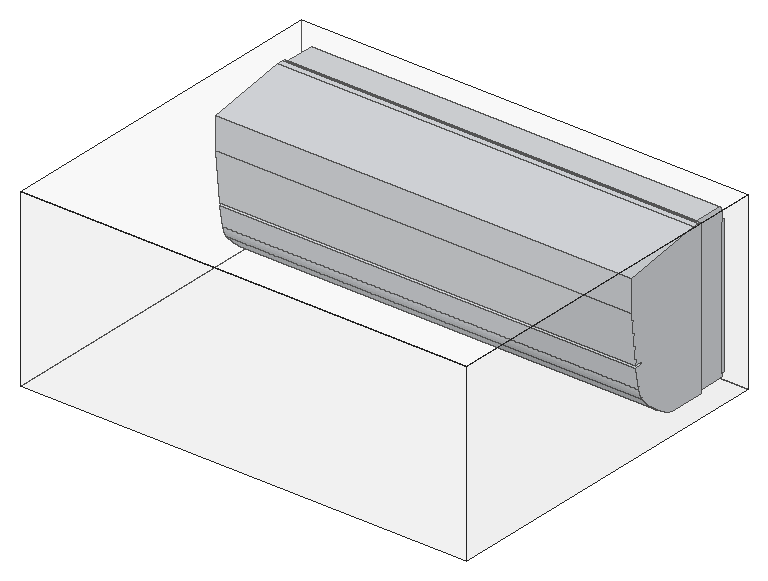
Revit family "msz-gv22_5624_50hz", category 機械設備, Revit 2019
Family settings
  丸型コネクタ寸法 = 直径を使用
  パーツ タイプ = 標準
  OmniClass 番号 = 23.75.10.24.21.27.27
  OmniClass タイトル = Split System Air Conditioning Units
  作業面ベース = いいえ
  常に垂直 = はい
  ロード時にボイドで切り取り = いいえ
  共有 = いいえ
  部屋計算ポイント = いいえ
Parameters (values of type "壁掛_MSZ-GV2224-T-IN")
  風量 = MAX風量  # 635.0 m³/h
  音響パワーレベル(dB) = if([運転音(強冷房)  db] > [運転音(強暖房)  db], [運転音(強冷房)  db], [運転音(強暖房)  db])  # 64
  電源種別 = ""
  電圧_電気ヒーター = 0 V
  電圧 = 100 V
  電動機出力_送風機 = 28.00 W
  運転音(強暖房)  db = 64
  運転音(強冷房)  db = 62
  運転音(弱暖房)  db = 43
  運転音(静冷房)  db = 41
  運転音(弱冷房)  db = 43
  運転音(中暖房)  db = 50
  運転音(中冷房)  db = 51
  運転質量 = 0.00 kg
  連動 = ""
  質量 = if(製品質量 > 運転質量, 製品質量, 運転質量) * 1.2  # 9.60 kg
  負荷分類 = 1 熱源類
  説明 = "ルームエアコン(霧ヶ峰) 　GVシリーズ　室内ユニット"
  設計暖房能力 [instance] = 0.00 kW
  設計冷房能力_顕熱 [instance] = 0 kW
  設計冷房能力 [instance] = 0 kW
  設置方法 = "壁掛 (露出)形"
  記号 [instance] = ""
  製造元 = "三菱電機株式会社"
  製品質量 = 8.00 kg
  製品出荷対象 = "国内"
  製品リリース年月 = "-"
  製品グループ = ""
  系統 [instance] = ""
  符号 = "ACR-WR"
  積算_科目 = "1 空気調和設備"
  積算_拾い区分 [instance] = ""
  相_電気ヒーター = 1
  相 = 1
  盤記号 [instance] = ""
  発停方法 = "付属スイッチ"
  特殊仕様 [instance] = ""
  火災停止 = ""
  消費電力_暖房 = 470.00 W
  消費電力_冷房 = 655.00 W
  消費電力 = 655.00 W
  法定耐用年数 = "6"
  構成品番 = ""
  極数 = 1
  材質 = ""
  本体マテリアル = none
  暖房能力 = 2.20 kW
  暖房 風量 = 635.0 m³/h
  推奨ブレーカー容量 = 15 A
  形式 = "壁掛（露出）形"
  幹線記号 = ""
  始動方式 = "直入"
  呼称 = "パッケージ形空気調和機_室内機"
  周波数 = 50 Hz
  台数_手元リモコン = ""
  参照している仕様書等のバージョン = "公共建築物標準仕様書（機械設備工事編）平成31年度版"
  加湿給水管径 = 0.00 mm
  分類コード = "50053004203000"
  分類グループ = ""
  冷房能力 = 2.2 kW
  冷房 風量 = 635.0 m³/h
  冷媒高低圧ガス管径 = 0.00 mm
  冷媒管径符号 = "Ab"
  冷媒管径 = 100.00 mm
  冷媒液管高さ = 126 mm
  冷媒液管長さ = 85 mm
  冷媒液管径 = 6.35 mm
  冷媒ガス管高さ = 126 mm
  冷媒ガス管長さ = 86 mm
  冷媒ガス管径 = 9.52 mm
  企業コード = "108420"
  付属品 [instance] = ""
  仕様書バージョン = "Version1.0"
  モデル = "MSZ-GV2224-T-IN"
  ドレン管高さ = 190 mm
  ドレン管径 = 16.00 mm
  サービススペース = yes
  コメント [instance] = ""
  【値が 0 の項目は組合せ形名にてご確認ください】 = ""
  Width = 799 mm
  Version = ""
  Uniclass2015Version = "Systems v1.9"
  Uniclass2015Title = "Split coil remote air cooled condensing units"
  Uniclass2015Code = "Pr_70_65_03_84"
  URL = "https://www.mitsubishielectric.co.jp/ldg/wink/"
  SpecificationReference = ""
  SpecificationDescription = ""
  Revision = ""
  ProductInformation = ""
  OmniClassCode = "23-33 17 13 11"
  MAX風量 = 635.0 m³/h
  IfcTypeProduct = ""
  IfcProduct = ""
  IfcExportType = "AIRCONDITIONINGUNIT"
  IfcExportAs = "IfcUnitaryEquipmentType"
  Height = 295 mm
  Depth = 225 mm
  Clearance Top = 33 mm
  Clearance Right = 40 mm
  Clearance Left = 20 mm
  Clearance Front = 445 mm
  Clearance Bottom = 7 mm
  Clearance Back = 0 mm
  COP = 0
  Author = "三菱電機株式会社"
  APF = 0
Types (13, lengths in mm): name | 風量 | 音響パワーレベル(dB) | 電圧 | 電動機出力_送風機 | 運転音(強暖房)  db | 運転音(強冷房)  db | 運転音(弱暖房)  db | 運転音(静冷房)  db | 運転音(弱冷房)  db | 運転音(中暖房)  db | 運転音(中冷房)  db | 質量 | 製品質量 | 消費電力_暖房 | 消費電力_冷房 | 消費電力 | 暖房能力 | 暖房 風量 | 冷房能力 | 冷房 風量 | モデル | MAX風量 | Clearance Front
  (no name) | 635.0 m³/h | 64 | 100 V | 28.00 W | 64 | 62 | 43 | 41 | 43 | 50 | 51 | 9.60 kg | 8.00 kg | 470.00 W | 655.00 W | 655.00 W | 2.20 kW | 635.0 m³/h | 2.2 kW | 635.0 m³/h | "MSZ-GV2224-T-IN" | 635.0 m³/h | 445
  壁掛_MSZ-GV2224-W-IN | 635.0 m³/h | 64 | 100 V | 28.00 W | 64 | 62 | 43 | 41 | 43 | 50 | 51 | 9.60 kg | 8.00 kg | 470.00 W | 655.00 W | 655.00 W | 2.20 kW | 635.0 m³/h | 2.2 kW | 635.0 m³/h | "MSZ-GV2224-W-IN" | 635.0 m³/h | 445
  壁掛_MSZ-GV2524-W-IN | 655.0 m³/h | 64 | 100 V | 28.00 W | 64 | 63 | 43 | 41 | 43 | 50 | 51 | 9.60 kg | 8.00 kg | 625.00 W | 745.00 W | 745.00 W | 2.80 kW | 655.0 m³/h | 2.5 kW | 635.0 m³/h | "MSZ-GV2524-W-IN" | 655.0 m³/h | 445
  壁掛_MSZ-GV2824-W-IN | 665.0 m³/h | 64 | 100 V | 28.00 W | 64 | 63 | 43 | 41 | 43 | 50 | 51 | 10.80 kg | 9.00 kg | 910.00 W | 800.00 W | 910.00 W | 3.60 kW | 650.0 m³/h | 2.8 kW | 665.0 m³/h | "MSZ-GV2824-W-IN" | 665.0 m³/h | 445
  壁掛_MSZ-GV3624-W-IN | 670.0 m³/h | 64 | 100 V | 28.00 W | 64 | 64 | 47 | 41 | 47 | 53 | 54 | 10.80 kg | 9.00 kg | 1215.00 W | 1415.00 W | 1415.00 W | 4.20 kW | 660.0 m³/h | 3.6 kW | 670.0 m³/h | "MSZ-GV3624-W-IN" | 670.0 m³/h | 445
  壁掛_MSZ-GV4024S-W-IN | 670.0 m³/h | 66 | 200 V | 40.00 W | 65 | 66 | 47 | 44 | 47 | 54 | 54 | 10.80 kg | 9.00 kg | 1480.00 W | 1660.00 W | 1660.00 W | 5.00 kW | 660.0 m³/h | 4 kW | 670.0 m³/h | "MSZ-GV4024S-W-IN" | 670.0 m³/h | 445
  壁掛_MSZ-GV5624S-W-IN | 785.0 m³/h | 67 | 200 V | 40.00 W | 67 | 66 | 47 | 45 | 47 | 54 | 54 | 10.80 kg | 9.00 kg | 1980.00 W | 2380.00 W | 2380.00 W | 6.70 kW | 725.0 m³/h | 5.6 kW | 785.0 m³/h | "MSZ-GV5624S-W-IN" | 785.0 m³/h | 215
  壁掛_MSZ-GV2224-T-IN | 635.0 m³/h | 64 | 100 V | 28.00 W | 64 | 62 | 43 | 41 | 43 | 50 | 51 | 9.60 kg | 8.00 kg | 470.00 W | 655.00 W | 655.00 W | 2.20 kW | 635.0 m³/h | 2.2 kW | 635.0 m³/h | "MSZ-GV2224-T-IN" | 635.0 m³/h | 445
  壁掛_MSZ-GV2524-T-IN | 655.0 m³/h | 64 | 100 V | 28.00 W | 64 | 63 | 43 | 41 | 43 | 50 | 51 | 9.60 kg | 8.00 kg | 625.00 W | 745.00 W | 745.00 W | 2.80 kW | 655.0 m³/h | 2.5 kW | 635.0 m³/h | "MSZ-GV2524-T-IN" | 655.0 m³/h | 445
  壁掛_MSZ-GV2824-T-IN | 665.0 m³/h | 64 | 100 V | 28.00 W | 64 | 63 | 43 | 41 | 43 | 50 | 51 | 10.80 kg | 9.00 kg | 910.00 W | 800.00 W | 910.00 W | 3.60 kW | 650.0 m³/h | 2.8 kW | 665.0 m³/h | "MSZ-GV2824-T-IN" | 665.0 m³/h | 445
  壁掛_MSZ-GV3624-T-IN | 670.0 m³/h | 64 | 100 V | 28.00 W | 64 | 64 | 47 | 41 | 47 | 53 | 54 | 10.80 kg | 9.00 kg | 1215.00 W | 1415.00 W | 1415.00 W | 4.20 kW | 660.0 m³/h | 3.6 kW | 670.0 m³/h | "MSZ-GV3624-T-IN" | 670.0 m³/h | 445
  壁掛_MSZ-GV4024S-T-IN | 670.0 m³/h | 66 | 200 V | 40.00 W | 65 | 66 | 47 | 44 | 47 | 54 | 54 | 10.80 kg | 9.00 kg | 1480.00 W | 1660.00 W | 1660.00 W | 5.00 kW | 660.0 m³/h | 4 kW | 670.0 m³/h | "MSZ-GV4024S-T-IN" | 670.0 m³/h | 445
  壁掛_MSZ-GV5624S-T-IN | 785.0 m³/h | 67 | 200 V | 40.00 W | 67 | 66 | 47 | 45 | 47 | 54 | 54 | 10.80 kg | 9.00 kg | 1980.00 W | 2380.00 W | 2380.00 W | 6.70 kW | 725.0 m³/h | 5.6 kW | 785.0 m³/h | "MSZ-GV5624S-T-IN" | 785.0 m³/h | 215
Reference planes
  plane 1 "中心(正面/背面)": y = 222.5
  plane 2: z = 0
  plane 3 "中心(左/右)": x = 0
  plane 4: z = 295
  plane 5: y = 340
  plane 6: y = 110
  plane 7: x = -399.5
  plane 8: x = 399.5
  plane 9: x = -419.5
  plane 10: x = 439.5
  plane 11: y = 340
  plane 12: y = -335
  plane 13: z = 328
  plane 14: z = -7
  plane 15: y = 335
  plane 16: x = 400.5
  plane 17: x = 300
Lines and regions (mm)
  Masking region 1, detail levels coarse+medium
    outline origin (0, 0, 0) x (1, 0, 0) y (0, 1, 0)
      loop
        line (-399.5, 340) -> (-399.5, 110) -> (399.5, 110) -> (399.5, 340) -> (-399.5, 340)
  symbolic lines, detail levels coarse+medium
    curve 1: line (-399.5, 340, 0) -> (399.5, 340, 0)
    curve 2: line (-399.5, 110, 0) -> (-399.5, 340, 0)
    curve 3: line (399.5, 110, 0) -> (-399.5, 110, 0)
    curve 4: line (399.5, 340, 0) -> (399.5, 110, 0)
Dimensions and locks
  equal spacing: plane 7, plane 3 "中心(左/右)", plane 8
  "Width": plane 7 to plane 8
  "Clearance Back": plane 5 to plane 11
  "Clearance Front": plane 12 to plane 6
  "Clearance Right": plane 8 to plane 10
  "Clearance Left": plane 9 to plane 7
  "Height": plane 4 to level
  "Clearance Bottom": level to plane 14
  "Clearance Top": plane 13 to plane 4
  locked: plane 15 to plane 5 at 5
  equal spacing: plane 6, plane 1 "中心(正面/背面)", plane 15
  "Depth": plane 6 to plane 15
  locked: plane 8 to plane 16 at 1
  plane 12 to plane 11 = 675 mm
  aligned and locked: level to plane 2
  aligned and locked: plane 9 to nested 1
  aligned and locked: plane 10 to nested 1
  aligned and locked: plane 12 to nested 1
  aligned and locked: plane 11 to nested 1
  aligned and locked: plane 13 to nested 1
  aligned and locked: plane 3 "中心(左/右)" to nested 2
  aligned and locked: plane 14 to nested 1
  aligned and locked: plane 5 to nested 2
  aligned and locked: Masking region 1 sketch curve to plane 8
  aligned and locked: plane 7 to Masking region 1 sketch curve
  aligned and locked: plane 5 to Masking region 1 sketch curve
  aligned and locked: Masking region 1 sketch curve to plane 6
  aligned and locked: curve 4 to plane 8
  aligned and locked: plane 7 to curve 2
  aligned and locked: curve 3 to plane 6
  aligned and locked: plane 5 to curve 1
Nested families
  nested 1: "サービススペース_MSZ-GV22-5623" at (10, 2.5, 160.5), visible <- "サービススペース", type "サービススペース_MSZ-GV22-5623"
    with Width 859 mm, Height 335 mm, Depth 675 mm
  nested 2: "MSZ-GV○○-○○-IN" at (0, 340, 0), type "MSZ-GV○○-○○-IN"
Connectors
  piping at (300, 340, 55), diameter 100, driven by "冷媒管径", driven by "冷媒管径符号"
    settings: on nested 2, index 1, connector inside diameter 609.60 mm, connector length 0 mm, flow factor 0, pipe flow 0.0 L/s, pressure drop 0.0 Pa, fitting loss kfactor 0, connector angle 0.00°, fixture units 0, engagement length 0 mm, angle of deflection 0.00°, flow configuration 1, flow direction 2, fitting loss method 4, system type 7, joint type 0, gender type 0, connector reference index -1, connector utility 0, adjustable connector no, is connector primary yes, connector description "Ab"
  piping at (300, 340, 25), diameter 16, driven by "ドレン管径"
    settings: on nested 2, index 2, connector inside diameter 609.60 mm, connector length 0 mm, flow factor 0, pipe flow 0.0 L/s, pressure drop 0.0 Pa, fitting loss kfactor 0, connector angle 0.00°, fixture units 0, engagement length 0 mm, angle of deflection 0.00°, flow configuration 1, flow direction 2, fitting loss method 4, system type 16, joint type 0, gender type 0, connector reference index -1, connector utility 0, adjustable connector no, is connector primary no, connector description ""
  electrical at (350, 170, 215), driven by "極数", driven by "負荷分類", driven by "電圧", driven by "消費電力"
    settings: on nested 2, index 5, voltage 100 V, apparent load 655 VA, apparent load phase1 0 VA, apparent load phase2 0 VA, apparent load phase3 0 VA, power factor 1, load classification "1 熱源類", number of poles 1, system type 30, power factor state 1, is connector primary yes, connector utility no, sub classification motor no, connector description ""
Definition of nested family "サービススペース_MSZ-GV22-5623"
  Parameters (values of type "サービススペース")
    Width [instance] = 500 mm
    Height [instance] = 500 mm
    Depth [instance] = 500 mm
  Reference planes
    plane 1 "中心(正面/背面)": y = 0
    plane 2: z = 0
    plane 3 "中心(左/右)": x = 0
    plane 4: y = -250
    plane 5: x = 250
    plane 6: y = 250
    plane 7: x = -250
    plane 8: z = 250
    plane 9: z = -250
  Forms (mm)
    Extrusion 1, solid
      sketch origin (-638.939, 0, 72.39) x (1, 0, 0) y (0, 1, 0)
        loop
          line (388.939, 250) -> (388.939, -250) -> (888.939, -250) -> (888.939, 250) -> (388.939, 250)
      from -322.39 to 177.61
  Lines and regions (mm)
    symbolic lines
      curve 1: line (-250, 0, 250) -> (250, 0, 250)
      curve 2: line (-250, 0, -250) -> (-250, 0, 250)
      curve 3: line (250, 0, -250) -> (-250, 0, -250)
      curve 4: line (250, 0, 250) -> (250, 0, -250)
      curve 5: line (0, -250, 250) -> (0, 250, 250)
      curve 6: line (0, -250, -250) -> (0, -250, 250)
      curve 7: line (0, 250, -250) -> (0, -250, -250)
      curve 8: line (0, 250, 250) -> (0, 250, -250)
      curve 9: line (-250, 250, 0) -> (250, 250, 0)
      curve 10: line (-250, -250, 0) -> (-250, 250, 0)
      curve 11: line (250, -250, 0) -> (-250, -250, 0)
      curve 12: line (250, 250, 0) -> (250, -250, 0)
  Dimensions and locks
    equal spacing: plane 7, plane 3 "中心(左/右)", plane 5
    equal spacing: plane 4, plane 1 "中心(正面/背面)", plane 6
    "Depth": plane 4 to plane 6
    "Width": plane 7 to plane 5
    equal spacing: plane 8, plane 2, plane 9
    "Height": plane 8 to plane 9
    aligned and locked: plane 9 to curve 3
    aligned and locked: plane 7 to curve 2
    aligned and locked: curve 4 to plane 5
    aligned and locked: plane 5 to Extrusion 1
    aligned and locked: Extrusion 1 to plane 7
    aligned and locked: Extrusion 1 to plane 9
    aligned and locked: plane 8 to Extrusion 1
    aligned and locked: plane 9 to curve 7
  Automatic sketch dimensions
    plane 4 to Extrusion 1 sketch curve = 0 mm
    Extrusion 1 sketch curve to plane 7 = 0 mm
    Extrusion 1 sketch curve to plane 5 = 0 mm
    plane 6 to Extrusion 1 sketch curve = 0 mm
    curve 2 to plane 8 = 0 mm
    plane 4 to curve 11 = 0 mm
    curve 11 to plane 7 = 0 mm
    curve 11 to plane 5 = 0 mm
    plane 6 to curve 10 = 0 mm
    curve 7 to plane 4 = 0 mm
    curve 7 to plane 6 = 0 mm
    curve 6 to plane 8 = 0 mm
Definition of nested family "MSZ-GV○○-○○-IN"
  Parameters (values of type "MSZ-GV○○-○○-IN")
    配線取出口サイズ = 26 mm
    配線取出口-Z = 0 mm
    配線取出口-Y = 0 mm
    配線取出口-X = 0 mm
    表示 [instance] = yes
    液配管サイズ = 100 mm
    H = 295 mm
    D = 225 mm
    吊りボルト_H = 230 mm
    冷媒配管サイズ = 6.35 mm
    冷媒液管径-Z = 0 mm
    冷媒液管径-Y = 0 mm
    冷媒液管径-X = 0 mm
    冷媒ガス管径-Z = 0 mm
    冷媒ガス管径-Y = 0 mm
    冷媒ガス管径-X = 0 mm
    吊りボルト-W = 300 mm
    マテリアル = none
    ドレン配管サイズ = 16 mm
    ドレン管径-Z = 0 mm
    ドレン管径-Y = 0 mm
    ドレン管径-X = 0 mm
    ガス配管サイズ = 9.52 mm
    吊りボルト-D = 200 mm
    W = 799 mm
  Reference planes
    plane 1 "中心(正面/背面)": y = 0
    plane 2: z = 0
    plane 3 "中心(左/右)": x = 0
    plane 4: z = 295
    plane 5: x = -399.5
    plane 6: x = 399.5
    plane 7: y = -230
    plane 8: y = -5
    plane 9: x = 392.5
    plane 10: x = -392.5
    plane 11: y = -23
    plane 12: z = 25
    plane 13: z = 45
    plane 14: z = 65
    plane 15: z = 55
    plane 16: x = 350
    plane 17: x = 393.5
    plane 18: y = -170
    plane 19: z = 215
    plane 20: y = -171
  Forms (mm)
    Extrusion 1, solid, material <- "マテリアル", visible <- "表示", detail levels fine
      sketch origin (399.5, 1296.25, 1200) x (0, 1, 0) y (0, 0, 1)
        loop
          line (-1361.25, -905) -> (-1366.084, -905)
          arc (-1366.084, -905) -> (-1371.503, -905.1) -> (-1376.915, -905.401) r 146.284
          arc (-1376.915, -905.401) -> (-1452.131, -914.37) -> (-1526.25, -930) r 850.001
          line (-1526.25, -930) -> (-1526.25, -989.75)
          arc (-1526.25, -989.75) -> (-1523.968, -1036.991) -> (-1517.141, -1083.791) r 490
          line (-1517.141, -1083.791) -> (-1502.319, -1081.522) -> (-1501.562, -1086.464) -> (-1516.32, -1088.918) -> (-1509.396, -1127.328)
          arc (-1509.396, -1127.328) -> (-1505.888, -1138.744) -> (-1499.774, -1149.003) r 50
          arc (-1499.774, -1149.003) -> (-1475.445, -1174.399) -> (-1446.288, -1194.065) r 165.075
          arc (-1446.288, -1194.065) -> (-1437.659, -1197.419) -> (-1428.49, -1198.699) r 40
          line (-1428.49, -1198.699) -> (-1371.251, -1200) -> (-1361.25, -1200) -> (-1361.25, -905)
      from -799 to 0
    Extrusion 2, solid, material <- "マテリアル", visible <- "表示", detail levels fine
      sketch origin (399.5, 1296.25, 1200) x (0, 1, 0) y (0, 0, 1)
        loop
          line (-1361.25, -1200) -> (-1301.25, -1200) -> (-1301.25, -911.805) -> (-1305.18, -905) -> (-1361.25, -905) -> (-1361.25, -1200)
      from -792 to -7
    Extrusion 3, solid, material <- "マテリアル", visible <- "表示", detail levels fine
      sketch origin (399.5, 1296.25, 1200) x (0, 1, 0) y (0, 0, 1)
        loop
          line (-1301.25, -1192) -> (-1296.25, -1192) -> (-1296.25, -930) -> (-1301.25, -930) -> (-1301.25, -1192)
      from -792 to -7
    Extrusion 4, solid, material <- "マテリアル", visible <- "表示", detail levels fine
      sketch origin (-1019.25, 6, 1200) x (-1, 0, 0) y (0, 0, 1)
        loop
          circle (-1319.25, -1175) r 8
      from -7 to -6
    Extrusion 5, solid, material <- "マテリアル", visible <- "表示", detail levels fine
      sketch origin (-1019.25, 6, 1200) x (-1, 0, 0) y (0, 0, 1)
        loop
          circle (-1319.25, -1155) r 3.175
      from -7 to -6
    Extrusion 6, solid, material <- "マテリアル", visible <- "表示", detail levels fine
      sketch origin (-1019.25, 6, 1200) x (-1, 0, 0) y (0, 0, 1)
        loop
          circle (-1319.25, -1135) r 4.76
      from -7 to -6
    Extrusion 7, solid, material <- "マテリアル", visible <- "表示", detail levels fine
      sketch origin (-1019.25, 6, 1200) x (-1, 0, 0) y (0, 0, 1)
        loop
          circle (-1319.25, -1145) r 15
      from -7 to -6
    Extrusion 8, solid, material <- "マテリアル", visible <- "表示", detail levels fine
      sketch origin (0, 0, 0) x (1, 0, 0) y (0, 0, 1)
        loop
          line (349, 216) -> (349, 214) -> (351, 214) -> (351, 216) -> (349, 216)
      from 170 to 171
  Dimensions and locks
    equal spacing: plane 5, plane 3 "中心(左/右)", plane 6
    "W": plane 5 to plane 6
    "H": plane 4 to level
    locked: plane 8 to plane 1 "中心(正面/背面)" at 5
    "D": plane 7 to plane 8
    locked: plane 5 to plane 10 at 7
    locked: plane 9 to plane 6 at 7
    plane 11 to plane 8 = 18 mm
    plane 12 to level = 25 mm
    plane 13 to level = 45 mm
    plane 14 to level = 65 mm
    equal spacing: plane 14, plane 15, plane 13
    locked: plane 9 to plane 17 at 1
    plane 3 "中心(左/右)" to plane 16 = 350 mm
    plane 18 to plane 1 "中心(正面/背面)" = 170 mm
    plane 4 to plane 19 = 80 mm
    locked: plane 20 to plane 18 at 1
    "ドレン配管サイズ": diameter of Extrusion 4 sketch curve
    "冷媒配管サイズ": diameter of Extrusion 5 sketch curve
    "ガス配管サイズ": diameter of Extrusion 6 sketch curve
    aligned and locked: level to plane 2
    aligned and locked: Extrusion 1 sketch curve to plane 7
    aligned and locked: Extrusion 1 sketch curve to level
    aligned and locked: Extrusion 1 sketch curve to plane 4
    aligned and locked: Extrusion 1 to plane 5
    aligned and locked: plane 6 to Extrusion 1
    aligned and locked: Extrusion 2 sketch curve to plane 8
    aligned and locked: Extrusion 2 sketch curve to level
    aligned and locked: Extrusion 2 sketch curve to plane 4
    aligned and locked: Extrusion 2 to plane 10
    aligned and locked: plane 9 to Extrusion 2
    aligned and locked: Extrusion 3 sketch curve to plane 8
    aligned and locked: Extrusion 3 sketch curve to plane 1 "中心(正面/背面)"
    aligned and locked: Extrusion 3 to plane 10
    aligned and locked: plane 9 to Extrusion 3
    aligned and locked: plane 12 to Extrusion 4 sketch curve
    aligned and locked: plane 13 to Extrusion 5 sketch curve
    aligned and locked: plane 14 to Extrusion 6 sketch curve
    aligned and locked: plane 15 to Extrusion 7 sketch curve
    aligned and locked: plane 20 to Extrusion 8
    aligned and locked: Extrusion 8 to plane 18
  Automatic sketch dimensions
    Extrusion 8 sketch curve to plane 16 = 1 mm
    plane 19 to Extrusion 8 sketch curve = 1 mm
    Extrusion 8 sketch curve to plane 19 = 1 mm
    plane 16 to Extrusion 8 sketch curve = 1 mm
    Extrusion 1 sketch curve to plane 7 = 9.109 mm
    Extrusion 1 sketch curve to Extrusion 1 sketch curve = 0.821 mm
    plane 14 to Extrusion 1 sketch curve = 7.672 mm
    Extrusion 1 sketch curve to plane 7 = 16.855 mm
    Extrusion 1 sketch curve to Extrusion 1 sketch curve = 14.823 mm
    Extrusion 1 sketch curve to Extrusion 1 sketch curve = 0.757 mm
    Extrusion 1 sketch curve to plane 18 = 6.061 mm
    level to Extrusion 1 sketch curve = 1.301 mm
    Extrusion 1 sketch curve to plane 18 = 37.761 mm
    Extrusion 1 sketch curve to plane 13 = 3.709 mm
    Extrusion 1 sketch curve to Extrusion 1 sketch curve = 0.909 mm
    plane 11 to Extrusion 1 sketch curve = 49.834 mm
    plane 11 to Extrusion 1 sketch curve = 46.833 mm
    Extrusion 1 sketch curve to Extrusion 1 sketch curve = 10.001 mm
    Extrusion 1 sketch curve to plane 11 = 5.269 mm
    Extrusion 1 sketch curve to plane 19 = 4.75 mm
    Extrusion 1 sketch curve to plane 1 "中心(正面/背面)" = 260 mm
    Extrusion 1 sketch curve to level = 553.069 mm
    Extrusion 1 sketch curve to Extrusion 1 sketch curve = 8.871 mm
    Extrusion 1 sketch curve to Extrusion 1 sketch curve = 2.454 mm
    Extrusion 1 sketch curve to Extrusion 1 sketch curve = 4.942 mm
    Extrusion 1 sketch curve to plane 19 = 66.284 mm
    Extrusion 1 sketch curve to Extrusion 1 sketch curve = 3.128 mm
    Extrusion 1 sketch curve to plane 4 = 25 mm
    Extrusion 1 sketch curve to Extrusion 1 sketch curve = 0 mm
    plane 8 to Extrusion 2 sketch curve = 3.929 mm
    plane 11 to Extrusion 2 sketch curve = 42 mm
    Extrusion 2 sketch curve to plane 4 = 6.805 mm
    level to Extrusion 3 sketch curve = 8 mm
    Extrusion 3 sketch curve to plane 4 = 25 mm
    Extrusion 7 sketch curve to plane 16 = 50 mm
    Extrusion 4 sketch curve to plane 16 = 50 mm
    Extrusion 5 sketch curve to plane 16 = 50 mm
    Extrusion 6 sketch curve to plane 16 = 50 mm
    radius of Extrusion 7 sketch curve = 15 mm
